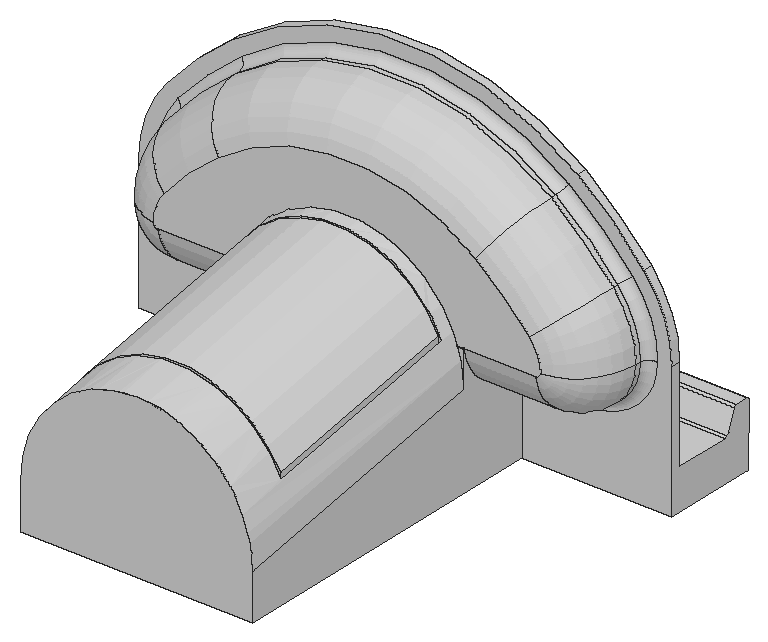
Revit family "Wash_Fountain -One,Two_Station-(3401-ES_3402-ES)_Series", category Plumbing Fixtures, host Face, Revit 2021
Family settings
  Host = Face
  Round Connector Dimension = Use Diameter
  Part Type = Normal
  OmniClass Number = 23.45.05.14.14
  OmniClass Title = Sinks/Lavatories
  Cut with Voids When Loaded = No
  Shared = Yes
  Room Calculation Point = No
Parameters (values of type "3401-ES")
  Width = 17 1/4"  # constant formula
  Waste Connection Diameter = 1 1/2"  # constant formula
  Waste Connection = yes
  WFU = 3  # constant formula
  Vent Connection = no
  URL = "https://www.acorneng.com/"
  Type Comments = "Elliptical with Contoured Base, One Station"
  Tempered Water Connection = no
  Product Page URL = "https://www.acorneng.com/one-wash-station-contour"
  Product Documentation Link = "https://www.acorneng.com/uploads/fileLibrary/3401ES-1.pdf?v=638835428170553821"
  Model = "3401-ES"
  Material = "Stainless Steel-Acorn-Satin"
  Manufacturer = "Acorn "
  Length = 27 3/4"  # constant formula
  Installation Type = "Wall Mounted"
  Inlet Connection Diameter = 1/2"
  Height = 22 1/2"  # constant formula
  HWFU = 2  # constant formula
  HW Connection = yes
  Flow Rate = "0.5 GPM"
  Finish = Stainless Steel-Acorn-Satin
  Description = "One Station, Elliptical Wash Fountain with Contour Base"
  Default Elevation = 34"
  Creation Date = "05/23/2025"  # constant formula
  Compliance Certifications = "Sensor and handoperated units conform to ANSI, UFAS and ADA requirements for accessibility"
  CWFU = 2  # constant formula
  CW Connection = yes
  Assembly Code = "D2010600"
  ADA Compliant = yes
  3402-ES Elliptical with Contoured Base, Two Station = no
  3401-ES Elliptical with Contoured Base, One Station = yes
  -ST Single Temperature Valve = no
  -SO-BAT Sensor Operation (Batteries Not Included) = no
  -SO Sensor Operation = no
  -PPZ Programmable Piezo button Electronic Metering = no
  -HB Hose Bibb, Specify ,Left Side or Right Side = no
  -H Hand Operation = no
  -EG Enviro-Glaze Color, Bowl and Sprayhead Specify ______________ = no
  -1 Off-Floor, Wall Outlet, ADA Compliant OPERATION (Must Specify) = yes
Types (3): name | Type Comments | Product Page URL | Model | 3402-ES Elliptical with Contoured Base, Two Station | 3401-ES Elliptical with Contoured Base, One Station
  (no name) | "Elliptical with Contoured Base, One Station" | "https://www.acorneng.com/one-wash-station-contour" | "3401-ES" | no | yes
  3401-ES | "Elliptical with Contoured Base, One Station" | "https://www.acorneng.com/one-wash-station-contour" | "3401-ES" | no | yes
  3402-ES | "Elliptical with Contoured Base, Two Station" | "https://www.acorneng.com/two-wash-station-contour" | "3402-ES" | yes | no
Reference planes (in)
  plane 1 "Center (Front/Back)": y = 0
  plane 2: z = 0
  plane 3 "Center (Left/Right)": x = 0
  plane 4: x = 5.5
  plane 5: x = -5.5
  plane 6: x = -8
  plane 7: x = 8
  plane 8: y = 4.5
  plane 9: y = -18
  plane 10: x = -6
  plane 11: x = 6
  plane 12: y = -15.48218
  plane 13: y = -5
  plane 14: y = -5.9375
  plane 15: z = 17.25
  plane 16: y = -34
  plane 17: x = -13.875
  plane 18: x = 13.875
  plane 19: x = -6.0625
  plane 20: x = 6.0625
  plane 21: z = 7.25
  plane 22: y = -14.9375
  plane 23: x = -2.625
  plane 24: x = 2.625
Forms (in)
  Sweep 1, solid, material "Stainless Steel-Acorn-Satin" <- "Finish"
    path origin (0, -22.5, 0) x (1, 0, 0) y (0, 0, -1)
      loop
        arc (-9.85477, -2.97977) -> (-12.6975, -4.15727) -> (-13.875, -7) r 4.02023
        arc (-13.875, -7) -> (-13.50031, -9.125) -> (-12.42141, -10.99369) r 6.21308
        arc (-12.42141, -10.99369) -> (-10.79439, -12.72161) -> (-8.98076, -14.25251) r 20.75708
        arc (-8.98076, -14.25251) -> (0, -17.24788) -> (8.98076, -14.25251) r 14.96079
        arc (8.98076, -14.25251) -> (10.79439, -12.72161) -> (12.42141, -10.99369) r 20.75708
        arc (12.42141, -10.99369) -> (13.50031, -9.125) -> (13.875, -7) r 6.21308
        arc (13.875, -7) -> (12.6975, -4.15727) -> (9.85477, -2.97977) r 4.02023
        line (9.85477, -2.97977) -> (-9.85477, -2.97977)
    profile origin (0, -22.5, 2.97977) x (0, 0, -1) y (0, 1, 0)
      loop
        line (0, 22) -> (0, 22.5) -> (-0.69795, 22.5)
        arc (-0.69795, 22.5) -> (-1.15768, 22.30957) -> (-1.34811, 21.84984) r 0.65016
        line (-1.34811, 21.84984) -> (-1.34811, 21.27863)
        arc (-1.34811, 21.27863) -> (-2.03918, 19.35621) -> (-3.79605, 18.31376) r 3.01946
        line (-3.79605, 18.31376) -> (-3.79605, 18.20292)
        arc (-3.79605, 18.20292) -> (-1.96887, 19.25078) -> (-1.24655, 21.22938) r 3.07107
        line (-1.24655, 21.22938) -> (-1.24655, 21.5)
        arc (-1.24655, 21.5) -> (-1.1001, 21.85355) -> (-0.74655, 22) r 0.5
        line (-0.74655, 22) -> (0, 22)
  Extrusion 2, solid, material "Stainless Steel-Acorn-Satin" <- "Finish"
    sketch origin (0, -22.5, 0) x (1, 0, 0) y (0, 0, -1)
      loop
        arc (-6.70204, -11.21648) -> (0, -13.45183) -> (6.70204, -11.21648) r 11.16474
        arc (6.70204, -11.21648) -> (8.184, -9.96556) -> (9.51347, -8.55364) r 16.96103
        arc (9.51347, -8.55364) -> (9.93319, -7.82667) -> (10.07895, -7) r 2.41704
        arc (10.07895, -7) -> (10.01329, -6.84148) -> (9.85477, -6.77582) r 0.22418
        line (9.85477, -6.77582) -> (-9.85477, -6.77582)
        arc (-9.85477, -6.77582) -> (-10.01329, -6.84148) -> (-10.07895, -7) r 0.22418
        arc (-10.07895, -7) -> (-9.93319, -7.82667) -> (-9.51347, -8.55364) r 2.41704
        arc (-9.51347, -8.55364) -> (-8.184, -9.96556) -> (-6.70204, -11.21648) r 16.96103
    from 18.20292 to 18.31376
  Extrusion 3, solid, material "Stainless Steel-Acorn-Satin" <- "Finish"
    sketch origin (0, -22.5, 0) x (1, 0, 0) y (0, 0, -1)
      loop
        line (-13.875, -0.63871) -> (-13.875, -7)
        arc (-13.875, -7) -> (-12.6975, -4.15727) -> (-9.85477, -2.97977) r 4.02023
        line (-9.85477, -2.97977) -> (9.85477, -2.97977)
        arc (9.85477, -2.97977) -> (12.6975, -4.15727) -> (13.875, -7) r 4.02023
        line (13.875, -7) -> (13.875, -0.63871) -> (-13.875, -0.63871)
    from 22 to 22.5
  Sweep 4, solid, material "Stainless Steel-Acorn-Satin" <- "Finish"
    path origin (0, -22.5, 0) x (1, 0, 0) y (0, 0, -1)
      loop
        line (-13.875, 0) -> (13.875, 0)
    profile origin (0, -22.5, 0) x (0, 0, -1) y (0, 1, 0)
      loop
        line (-0.07134, 27) -> (-3.30752, 27)
        arc (-3.30752, 27) -> (-3.35524, 26.98024) -> (-3.375, 26.93252) r 0.06748
        line (-3.375, 26.93252) -> (-3.375, 26.25612)
        arc (-3.375, 26.25612) -> (-3.35309, 26.18174) -> (-3.29437, 26.13111) r 0.13721
        line (-3.29437, 26.13111) -> (-2.20379, 25.6375)
        arc (-2.20379, 25.6375) -> (-2.14501, 25.58683) -> (-2.12309, 25.51239) r 0.13733
        line (-2.12309, 25.51239) -> (-2.12309, 22.5) -> (-0.63871, 22.5) -> (-0.63871, 22) -> (0, 22) -> (0, 26.92866)
        arc (0, 26.92866) -> (-0.02089, 26.97911) -> (-0.07134, 27) r 0.07134
  Blend 5, solid, material "Stainless Steel-Acorn-Satin" <- "Finish"
    base sketch origin (0, -22.5, -1.75) x (1, 0, 0) y (0, 0, -1)
      loop
        line (-6.0625, -1.75) -> (-6.0625, -4.10853)
        arc (-6.0625, -4.10853) -> (0, -10.17103) -> (6.0625, -4.10853) r 6.0625
        line (6.0625, -4.10853) -> (6.0625, -1.75) -> (-6.0625, -1.75)
    top sketch origin (0, -22.5, -1.75) x (1, 0, 0) y (0, 0, -1)
      loop
        line (6.0625, -6.60853) -> (6.0625, -1.75) -> (-6.0625, -1.75) -> (-6.0625, -6.60853)
        arc (-6.0625, -6.60853) -> (0, -12.67103) -> (6.0625, -6.60853) r 6.0625
    from 4.5 to 18.20292
  Extrusion 6, void
    sketch origin (0, -22.5, 0) x (1, 0, 0) y (0, 1, 0)
      loop
        circle (-5.5, 7) r 0.25
      loop
        circle (5.5, 7) r 0.25
      loop
        circle (-8, 17.5) r 0.25
      loop
        circle (8, 17.5) r 0.25
    from 0 to 1
  Sweep 7, solid, material "Stainless Steel-Acorn-Satin" <- "Finish", visible <- "3402-ES Elliptical with Contoured Base, Two Station"
    path origin (1.75785, 0, 0) x (0, 1, 0) y (0, 0, -1)
      loop
        line (3.38431, -2.74908) -> (3.1079, -2.87418)
    profile origin (1.75785, 3.2461, 2.81163) x (0, 0.412346, 0.911027) y (-1, 0, 0)
      loop
        circle (0, 0) r 0.33802
  Sweep 8, solid, material "Stainless Steel-Acorn-Satin" <- "Finish", visible <- "3402-ES Elliptical with Contoured Base, Two Station"
    path origin (-1.75785, 0, 0) x (0, 1, 0) y (0, 0, 1)
      loop
        line (3.38431, 2.74908) -> (3.1079, 2.87418)
    profile origin (-1.75785, 3.2461, 2.81163) x (0, -0.412346, -0.911027) y (1, 0, 0)
      loop
        circle (0, 0) r 0.33802
  Extrusion 9, solid, material "Stainless Steel-Acorn-Satin" <- "Finish"
    sketch origin (0, 0, 0) x (1, 0, 0) y (0, 1, 0)
      loop
        circle (0, -5.9375) r 0.75
    from -0.04556 to 0.06224
  Extrusion 10, solid, material "Stainless Steel-Acorn-Satin" <- "Finish"
    sketch origin (0, 0, 0) x (1, 0, 0) y (0, 1, 0)
      loop
        circle (-2.625, -14.9375) r 0.25
      loop
        circle (2.625, -14.9375) r 0.25
    from -0.04556 to 0.06224
  Extrusion 11, void
    sketch origin (0, -4.18624, 0) x (-1, 0, 0) y (0, 0, -1)
      loop
        circle (0, -8.61488) r 0.1
      loop
        circle (0, -9.11488) r 0.1
      loop
        circle (0.35355, -8.96844) r 0.1
      loop
        circle (0.5, -8.61488) r 0.1
      loop
        circle (-0.35355, -8.96844) r 0.1
      loop
        circle (-0.5, -8.61488) r 0.1
      loop
        circle (0, -8.11488) r 0.1
      loop
        circle (0.35355, -8.26133) r 0.1
      loop
        circle (-0.35355, -8.26133) r 0.1
      loop
        circle (0, -9.61488) r 0.10156
      loop
        circle (0.70711, -9.32199) r 0.10156
      loop
        circle (1, -8.61488) r 0.10156
      loop
        circle (0.92718, -8.98949) r 0.10156
      loop
        circle (0.37461, -9.54207) r 0.10156
      loop
        circle (0.70711, -7.90778) r 0.10156
      loop
        circle (0.92718, -8.24028) r 0.10156
      loop
        circle (0.37461, -7.6877) r 0.10156
      loop
        circle (0, -7.61488) r 0.10156
      loop
        circle (-0.70711, -9.32199) r 0.10156
      loop
        circle (-1, -8.61488) r 0.10156
      loop
        circle (-0.92718, -8.98949) r 0.10156
      loop
        circle (-0.37461, -9.54207) r 0.10156
      loop
        circle (-0.70711, -7.90778) r 0.10156
      loop
        circle (-0.92718, -8.24028) r 0.10156
      loop
        circle (-0.37461, -7.6877) r 0.10156
    from 0 to -1.56174
  Revolve 12, solid, material "Stainless Steel-Acorn-Satin" <- "Finish"
    sketch origin (0, -24.84601, 0) x (0, 0, 1) y (0, 1, 0)
      loop
        line (7.2062, 20.70357) -> (6.93116, 20.70357) -> (6.93116, 20.65977) -> (7.29784, 20.65977)
        arc (7.29784, 20.65977) -> (7.83903, 21.25834) -> (8.61488, 21.48023) r 1.46732
        line (8.61488, 21.48023) -> (8.61488, 21.5818)
        arc (8.61488, 21.5818) -> (7.78487, 21.34426) -> (7.2062, 20.70357) r 1.56888
      axis (8.61488, 20.65977) -> (8.61488, 21.5818)
    angle from 0 to 360
  Extrusion 13, solid, material "Stainless Steel-Acorn-Satin" <- "Finish"
    sketch origin (13.875, -22.5, 0) x (0, 0, 1) y (0, -1, 0)
      loop
        line (0, -18.20292) -> (0, -22) -> (4.22632, -22) -> (4.22632, -21.20212)
        arc (4.22632, -21.20212) -> (4.96019, -19.22389) -> (6.8067, -18.20292) r 3.03318
        line (6.8067, -18.20292) -> (0, -18.20292)
    from -19.9375 to -7.8125
  Extrusion 14, void
    sketch origin (0, 0, 0) x (1, 0, 0) y (0, 1, 0)
      loop
        line (-5.5, -5) -> (-5.5, -15.48218) -> (5.5, -15.48218) -> (5.5, -5) -> (-5.5, -5)
      loop
        line (-5.39844, -5.10156) -> (-5.39844, -15.38062) -> (5.39844, -15.38062) -> (5.39844, -5.10156) -> (-5.39844, -5.10156)
    from 0 to 12
  Sweep 15, solid, material "Stainless Steel-Acorn-Satin" <- "Finish", visible <- "3401-ES Elliptical with Contoured Base, One Station"
    path origin (0, 0, 0) x (0, 1, 0) y (0, 0, -1)
      loop
        line (3.38431, -2.74908) -> (3.1079, -2.87418)
    profile origin (0, 3.2461, 2.81163) x (0, 0.412346, 0.911027) y (-1, 0, 0)
      loop
        circle (0, 0) r 0.33802
Cuts and joins
  Extrusion 6, Extrusion 11, Extrusion 14 cuts Blend 5
  Extrusion 14 cuts Extrusion 13
  joined: Blend 5, Extrusion 13
  Extrusion 11 cuts Sweep 1
  Extrusion 11 cuts Extrusion 2
  Extrusion 11 cuts Extrusion 3
  Extrusion 11 cuts Sweep 4
  joined: Sweep 1, Extrusion 2, Extrusion 3, Sweep 4
  Extrusion 11 cuts Revolve 12
Dimensions and locks (in)
  plane 3 "Center (Left/Right)" to plane 5 = 5 1/2"
  plane 3 "Center (Left/Right)" to plane 6 = 8"
  plane 1 "Center (Front/Back)" to plane 8 = 4 1/2"  (x2)
  plane 5 to plane 4 = 11"
  plane 6 to plane 3 "Center (Left/Right)" = 8"
  plane 5 to plane 3 "Center (Left/Right)" = 5 1/2"
  plane 9 to plane 8 = 22 1/2"
  "Width": host face to plane 15
  plane 16 to plane 1 "Center (Front/Back)" = 34"
  equal spacing: plane 17, plane 3 "Center (Left/Right)", plane 18
  "Length": plane 17 to plane 18
  plane 19 to plane 20 = 12 1/8"
  plane 15 to host face = 17 1/4"
  plane 17 to plane 18 = 27 3/4"
  plane 21 to host face = 7 1/4"
  plane 14 to plane 22 = 9"
  plane 16 to plane 8 = 38 1/2"
  plane 14 to plane 16 = 28 1/16"
  plane 23 to plane 3 "Center (Left/Right)" = 2 5/8"
  plane 3 "Center (Left/Right)" to plane 24 = 2 5/8"
  aligned and locked: plane 2 to host face
  aligned and locked: level to host face
  aligned and locked: plane 17 to Sweep 4 sketch curve
  aligned and locked: plane 18 to Sweep 4 sketch curve
  aligned and locked: plane 18 to Extrusion 3 sketch curve
  aligned and locked: Extrusion 3 sketch curve to plane 17
  aligned and locked: plane 20 to Blend 5 sketch curve
  aligned and locked: Blend 5 sketch curve to plane 19
  aligned and locked: host face to Blend 5 sketch curve  (x2)
  aligned and locked: host face to Extrusion 13 sketch curve
  aligned and locked: Extrusion 13 to cut or joined group of Blend 5, Extrusion 6, Extrusion 11, Extrusion 13, Extrusion 14
  aligned and locked: cut or joined group of Blend 5, Extrusion 6, Extrusion 11, Extrusion 13, Extrusion 14 to Extrusion 13
  aligned and locked: Blend 5 to cut or joined group of Sweep 1, Extrusion 2, Extrusion 3, Sweep 4, Extrusion 11
  aligned and locked: Extrusion 13 sketch curve to cut or joined group of Blend 5, Extrusion 6, Extrusion 11, Extrusion 13, Extrusion 14
  aligned and locked: plane 22 to Extrusion 10 sketch curve  (x2)
  aligned and locked: plane 23 to Extrusion 10 sketch curve
  aligned and locked: plane 24 to Extrusion 10 sketch curve
Automatic sketch dimensions
  host sketch curve to host sketch curve = 96"  (x2)
  Sweep 1 sketch curve to plane 17 = 0"  (x2)
  Sweep 1 sketch curve to plane 3 "Center (Left/Right)" = 0"
  plane 18 to Sweep 1 sketch curve = 0"  (x2)
  Sweep 1 sketch curve to plane 21 = 1/4"  (x2)
  Sweep 1 sketch curve to plane 6 = 1.85477"
  plane 6 to Sweep 1 sketch curve = 0.33808"
  plane 5 to Sweep 1 sketch curve = 2.02057"
  plane 4 to Sweep 1 sketch curve = 2.02057"
  plane 7 to Sweep 1 sketch curve = 0.33808"
  level to Sweep 1 sketch curve = 2.28708"
  Sweep 1 sketch curve to level = 2.3487"  (x2)
  Sweep 1 sketch curve to Sweep 1 sketch curve = 0"  (x3)
  Sweep 1 sketch curve to profile plane = 0"
  Sweep 1 sketch curve to Sweep 1 sketch curve = 0.69795"
  Sweep 1 sketch curve to Sweep 1 sketch curve = 0.0486"
  Sweep 1 sketch curve to Sweep 1 sketch curve = 1/2"
  Sweep 1 sketch curve to Sweep 1 sketch curve = 13/128"
  profile plane to Sweep 1 sketch curve = 3.79605"
  Sweep 1 sketch curve to Sweep 1 sketch curve = 0.52157"
  Sweep 1 sketch curve to Sweep 1 sketch curve = 0.04995"
  profile plane to Sweep 1 sketch curve = 18.20292"
  Sweep 1 sketch curve to Sweep 1 sketch curve = 0.11083"
  Sweep 1 sketch curve to Sweep 1 sketch curve = 0.27062"
  Sweep 1 sketch curve to Sweep 1 sketch curve = 0.34984"
  Extrusion 2 sketch curve to plane 3 "Center (Left/Right)" = 0"
  plane 5 to Extrusion 2 sketch curve = 2.02057"
  plane 6 to Extrusion 2 sketch curve = 0.33808"
  Extrusion 2 sketch curve to plane 21 = 0.47418"
  Extrusion 2 sketch curve to plane 6 = 1.85477"
  plane 4 to Extrusion 2 sketch curve = 2.02057"
  plane 7 to Extrusion 2 sketch curve = 0.33808"
  Extrusion 2 sketch curve to plane 21 = 1/4"  (x2)
  Extrusion 2 sketch curve to plane 7 = 1.85477"
  level to Extrusion 2 sketch curve = 2.28708"
  Extrusion 2 sketch curve to level = 2.3487"  (x2)
  Extrusion 2 sketch curve to plane 19 = 0.63954"
  Extrusion 2 sketch curve to Extrusion 2 sketch curve = 0"  (x4)
  Extrusion 3 sketch curve to plane 17 = 0"
  plane 18 to Extrusion 3 sketch curve = 0"
  Extrusion 3 sketch curve to plane 21 = 1/4"  (x2)
  Extrusion 3 sketch curve to plane 6 = 1.85477"
  level to Extrusion 3 sketch curve = 0.63871"
  Extrusion 3 sketch curve to Extrusion 3 sketch curve = 0"  (x2)
  Sweep 4 sketch curve to level = 0"
  Sweep 4 sketch curve to profile plane = 0"
  profile plane to Sweep 4 sketch curve = 0.07134"
  profile plane to Sweep 4 sketch curve = 0.63871"
  Sweep 4 sketch curve to Sweep 4 sketch curve = 1 31/64"
  Sweep 4 sketch curve to Sweep 4 sketch curve = 0.0807"
  Sweep 4 sketch curve to Sweep 4 sketch curve = 0.13733"
  Sweep 4 sketch curve to Sweep 4 sketch curve = 1.034"
  Sweep 4 sketch curve to Sweep 4 sketch curve = 0.05658"
  Sweep 4 sketch curve to Sweep 4 sketch curve = 0.06973"
  Sweep 4 sketch curve to Sweep 4 sketch curve = 0.13721"
  profile plane to Sweep 4 sketch curve = 22"
  Sweep 4 sketch curve to Sweep 4 sketch curve = 1/2"
  Sweep 4 sketch curve to Sweep 4 sketch curve = 3.01239"
  Sweep 4 sketch curve to Sweep 4 sketch curve = 0.49361"
  Sweep 4 sketch curve to Sweep 4 sketch curve = 1.41627"
  Blend 5 sketch curve to Blend 5 sketch curve = 2.35853"
  Blend 5 sketch curve to plane 19 = 0"
  Blend 5 sketch curve to plane 3 "Center (Left/Right)" = 0"
  Blend 5 sketch curve to plane 21 = 2.39147"
  Extrusion 6 sketch curve to plane 6 = 0"
  Extrusion 6 sketch curve to plane 5 = 0"
  Extrusion 6 sketch curve to plane 4 = 0"
  Extrusion 6 sketch curve to plane 7 = 0"
  Extrusion 6 sketch curve to plane 13 = 0"  (x2)
  Extrusion 6 sketch curve to plane 12 = 0.01782"  (x2)
  plane 8 to Sweep 7 sketch curve = 1.3921"
  level to Sweep 7 sketch curve = 2.87418"
  Sweep 7 sketch curve to Sweep 7 sketch curve = 0.27641"
  Sweep 7 sketch curve to Sweep 7 sketch curve = 0.12511"
  profile plane to Sweep 7 sketch curve = 0"
  Sweep 7 sketch curve to profile plane = 0"
  plane 8 to Sweep 8 sketch curve = 1.3921"
  plane 8 to Sweep 8 sketch curve = 1.11569"
  level to Sweep 8 sketch curve = 2.74908"
  Sweep 8 sketch curve to Sweep 8 sketch curve = 0.12511"
  Sweep 8 sketch curve to profile plane = 0"  (x2)
  Extrusion 9 sketch curve to plane 3 "Center (Left/Right)" = 0"
  Extrusion 9 sketch curve to plane 14 = 0"
  Extrusion 2 to Extrusion 11 sketch curve = 1.83907"
  Extrusion 11 sketch curve to Extrusion 11 sketch curve = 0.07282"  (x5)
  Extrusion 11 sketch curve to Extrusion 11 sketch curve = 0.22008"  (x8)
  Extrusion 11 sketch curve to Extrusion 11 sketch curve = 1/2"
  Extrusion 11 sketch curve to Extrusion 11 sketch curve = 0.3325"  (x8)
  Extrusion 11 sketch curve to Extrusion 11 sketch curve = 0.14645"  (x5)
  Extrusion 11 sketch curve to Extrusion 11 sketch curve = 0.35355"  (x9)
  Extrusion 11 sketch curve to Extrusion 11 sketch curve = 0"  (x4)
  Extrusion 11 sketch curve to Extrusion 11 sketch curve = 0.37461"  (x8)
  Revolve 12 sketch curve to Revolve 12 sketch curve = 0"  (x2)
  Revolve 12 sketch curve to plane 21 = 0.31884"
  Revolve 12 sketch curve to plane 21 = 0.0438"
  plane 21 to Revolve 12 sketch curve = 0.04784"
  plane 21 to Revolve 12 sketch curve = 1.36488"  (x2)
  plane 13 to Revolve 12 sketch curve = 0.1669"
  plane 13 to Revolve 12 sketch curve = 0.81376"
  Revolve 12 sketch curve to Revolve 12 sketch curve = 0.04381"
  Revolve 12 sketch curve to Revolve 12 sketch curve = 0.71416"
  plane 1 "Center (Front/Back)" to Revolve 12 sketch curve = 0.82994"
  Extrusion 13 sketch curve to Extrusion 3 = 0"
  Extrusion 13 sketch curve to Extrusion 3 = 2.77368"
  Extrusion 13 sketch curve to Extrusion 3 = 0.1933"
  Extrusion 3 to Extrusion 13 sketch curve = 0.2595"
  Extrusion 14 sketch curve to plane 5 = 0"
  Extrusion 14 sketch curve to plane 4 = 0"
  Extrusion 14 sketch curve to plane 12 = 0"
  Extrusion 14 sketch curve to plane 13 = 0"
  plane 5 to Extrusion 14 sketch curve = 13/128"
  plane 4 to Extrusion 14 sketch curve = 13/128"
  plane 12 to Extrusion 14 sketch curve = 13/128"
  Extrusion 14 sketch curve to plane 13 = 13/128"
  plane 8 to Sweep 15 sketch curve = 1.3921"
  level to Sweep 15 sketch curve = 2.87418"
  Sweep 15 sketch curve to Sweep 15 sketch curve = 0.27641"
  Sweep 15 sketch curve to Sweep 15 sketch curve = 0.12511"
  profile plane to Sweep 15 sketch curve = 0"
  Sweep 15 sketch curve to profile plane = 0"
  radius of Extrusion 6 sketch curve = 1/4"  (x4)
  radius of Sweep 7 sketch curve = 0.33802"
  radius of Sweep 8 sketch curve = 0.33802"
  radius of Extrusion 9 sketch curve = 3/4"
  radius of Extrusion 10 sketch curve = 1/4"  (x2)
  radius of Extrusion 11 sketch curve = 0.1"  (x9)
  radius of Extrusion 11 sketch curve = 13/128"  (x16)
  radius of Sweep 15 sketch curve = 0.33802"
Connectors (in)
  piping at (0, -5.9375, -0.04556), diameter 1.5, driven by "WFU", driven by "Waste Connection Diameter"
    settings: on Extrusion 9, index 1, connector inside diameter 1 1/2", connector length 0", flow factor 0, pipe flow 0 GPM, pressure drop 0.00 psi, fitting loss kfactor 0, connector angle 0.00°, fixture units 3, engagement length 0", angle of deflection 0.00°, flow configuration 3, flow direction 2, fitting loss method 0, system type 16, joint type 0, gender type 0, connector reference index -1, connector utility 0, adjustable connector yes, is connector primary yes, connector description "1 1/2\" Waste Outlet Connection"
  piping at (2.625, -14.9375, -0.04556), diameter 0.5, driven by "CWFU", driven by "Inlet Connection Diameter"
    settings: on Extrusion 10, index 2, connector inside diameter 1/2", connector length 0", flow factor 0, pipe flow 0 GPM, pressure drop 0.00 psi, fitting loss kfactor 0, connector angle 0.00°, fixture units 2, engagement length 0", angle of deflection 0.00°, flow configuration 3, flow direction 1, fitting loss method 0, system type 20, joint type 0, gender type 0, connector reference index -1, connector utility 0, adjustable connector yes, is connector primary no, connector description "1/2\" CW Inlet Connection"
  piping at (-2.625, -14.9375, -0.04556), diameter 0.5, driven by "HWFU"
    settings: on Extrusion 10, index 3, connector inside diameter 1/2", connector length 0", flow factor 0, pipe flow 0 GPM, pressure drop 0.00 psi, fitting loss kfactor 0, connector angle 0.00°, fixture units 2, engagement length 0", angle of deflection 0.00°, flow configuration 3, flow direction 1, fitting loss method 0, system type 19, joint type 0, gender type 0, connector reference index -1, connector utility 0, adjustable connector yes, is connector primary no, connector description "1/2\" HW Inlet Connection"
